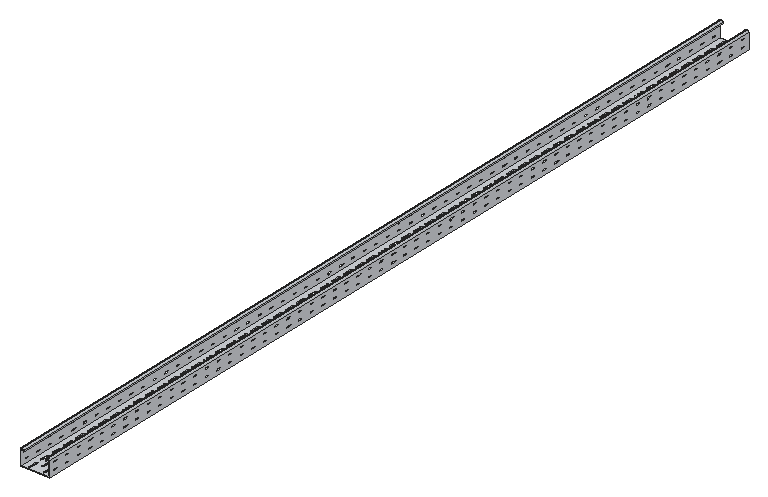
Revit family "Kabelrinne_610_FT_FS_A2_A4_FTSO", category Generic Models, Revit 2017 (continued)
Dimensions and locks
    trusion 127, Extrusion 128, Extrusion 129, Extrusion 130, Extrusion 131, Extrusion 132, Extrusion 133, Extrusion 134, Extrusion 135, Extrusion 136, Extrusion 137, Extrusion 138, Extrusion 139, Extrusion 140, Extrusion 141, Extrusion 142, Extrusion 143, Extrusion 144, Extrusion 145, Extrusion 146, Extrusion 147, Extrusion 148, Extrusion 149, Extrusion 150, Extrusion 151, Extrusion 152, Extrusion 153, Extrusion 154, Extrusion 155, Extrusion 156, Extrusion 157, Extrusion 158, Extrusion 159, Extrusion 160, Extrusion 161, Extrusion 162, Extrusion 163, Extrusion 164, Extrusion 165, Extrusion 166, Extrusion 167, Extrusion 168, Extrusion 169, Extrusion 170, Extrusion 171, Extrusion 172, Extrusion 173, Extrusion 174, Extrusion 175, Extrusion 176, Extrusion 177, Extrusion 178, Extrusion 179, Extrusion 180, Extrusion 181, Extrusion 182, Extrusion 183, Extrusion 184, Extrusion 185, Extrusion 186, Extrusion 187, Extrusion 188, Extrusion 189, Extrusion 190, Extrusion 191, Extrusion 192, Extrusion 193, Extrusion 194, Extrusion 195, Extrusion 196, Extrusion 197, Extrusion 198, Extrusion 199, Extrusion 200, Extrusion 201, Extrusion 202, Extrusion 203, Extrusion 204, Extrusion 205, Extrusion 206, Extrusion 207, Extrusion 208, Extrusion 209, Extrusion 210, Extrusion 211, Extrusion 212, Extrusion 213, Extrusion 214, Extrusion 215, Extrusion 216, Extrusion 217, Extrusion 218, Extrusion 219, Extrusion 220, Extrusion 221, Extrusion 222, Extrusion 223, Extrusion 224, Extrusion 225, Extrusion 226, Extrusion 227, Extrusion 228, Extrusion 229, Extrusion 230, Extrusion 231, Extrusion 232, Extrusion 233, Extrusion 234, Extrusion 235, Extrusion 236, Extrusion 237, Extrusion 238, Extrusion 239, Extrusion 240, Extrusion 241, Extrusion 242, Extrusion 243, Extrusion 244, Extrusion 245, Extrusion 246, Extrusion 247, Extrusion 248, Extrusion 249, Extrusion 250, Extrusion 251, Extrusion 252, Extrusion 253, Extrusion 254, Extrusion 255, Extrusion 256, Extrusion 257, Extrusion 258, Extrusion 259, Extrusion 260, Extrusion 261, Extrusion 262, Extrusion 263, Extrusion 264, Extrusion 265, Extrusion 266, Extrusion 267, Extrusion 268, Extrusion 269, Extrusion 270, Extrusion 271, Extrusion 272, Extrusion 273, Extrusion 274, Extrusion 275, Extrusion 276, Extrusion 277, Extrusion 278, Extrusion 279, Extrusion 280, Extrusion 281, Extrusion 282, Extrusion 283, Extrusion 284, Extrusion 285, Extrusion 286, Extrusion 287, Extrusion 288, Extrusion 289, Extrusion 290, Extrusion 291, Extrusion 292, Extrusion 293, Extrusion 294, Extrusion 295, Extrusion 296, Extrusion 297, Extrusion 298, Extrusion 299, Extrusion 300, Extrusion 301, Extrusion 302, Extrusion 303, Extrusion 304, Extrusion 305, Extrusion 306, Extrusion 308, Extrusion 309, Extrusion 310, Extrusion 311, Extrusion 312, Extrusion 313, Extrusion 314, Extrusion 315, Extrusion 316, Extrusion 317, Extrusion 318, Extrusion 319, Extrusion 320, Extrusion 321, Extrusion 322, Extrusion 323, Extrusion 324, Extrusion 325, Extrusion 326, Extrusion 327, Extrusion 328, Extrusion 329, Extrusion 330, Extrusion 331, Extrusion 332, Extrusion 333, Extrusion 334, Extrusion 335, Extrusion 336, Extrusion 337, Extrusion 338, Extrusion 339, Extrusion 340, Extrusion 341, Extrusion 342, Extrusion 343, Extrusion 344, Extrusion 345, Extrusion 346, Extrusion 347, Extrusion 348, Extrusion 349, Extrusion 350, Extrusion 351, Extrusion 352, Extrusion 353, Extrusion 354, Extrusion 355, Extrusion 356, Extrusion 357, Extrusion 358, Extrusion 359, Extrusion 360, Extrusion 361, Extrusion 362, Extrusion 363, Extrusion 364, Extrusion 365, Extrusion 366, Extrusion 367, Extrusion 368, Extrusion 369, Extrusion 370, Extrusion 371, Extrusion 372, Extrusion 373, Extrusion 374, Extrusion 375, Extrusion 376, Extrusion 377, Extrusion 378, Extrusion 379, Extrusion 380, Extrusion 381, Extrusion 382, Extrusion 383, Extrusion 384, Extrusion 385, Extrusion 386, Extrusion 387, Extrusion 388, Extrusion 389, Extrusion 390, Extrusion 391, Extrusion 392, Extrusion 393, Extrusion 394, Extrusion 395, Extrusion 396, Extrusion 397, Extrusion 398, Extrusion 399, Extrusion 400, Extrusion 401, Extrusion 402, Extrusion 403, Extrusion 404, Extrusion 405, Extrusion 406, Extrusion 407, Extrusion 408, Extrusion 409, Extrusion 410, Extrusion 411, Extrusion 412, Extrusion 413, Extrusion 414, Extrusion 415, Extrusion 416, Extrusion 417, Extrusion 418, Extrusion 419, Extrusion 420, Extrusion 421, Extrusion 422, Extrusion 423, Extrusion 424, Extrusion 425  (x7)
  aligned and locked: plane 18 to plane 8
  aligned and locked: plane 22 to Extrusion 11
  aligned and locked: Extrusion 11 to plane 23
  aligned and locked: plane 24 to Extrusion 12
  aligned and locked: Extrusion 12 to plane 25
  aligned and locked: plane 26 to Extrusion 13
  aligned and locked: Extrusion 13 to plane 27
  aligned and locked: plane 24 to plane 26
  aligned and locked: plane 24 to plane 12
  aligned and locked: plane 29 to Extrusion 14
  aligned and locked: Extrusion 14 to plane 28
  aligned and locked: plane 31 to Extrusion 15
  aligned and locked: Extrusion 15 to plane 30
  aligned and locked: plane 28 to plane 30
  aligned and locked: plane 33 to Extrusion 16
  aligned and locked: Extrusion 16 to plane 32
  aligned and locked: plane 35 to Extrusion 17
  aligned and locked: Extrusion 17 to plane 34
  aligned and locked: plane 32 to plane 34
  aligned and locked: plane 37 to Extrusion 18
  aligned and locked: Extrusion 18 to plane 36
  aligned and locked: plane 39 to Extrusion 19
  aligned and locked: Extrusion 19 to plane 38
  aligned and locked: plane 36 to plane 38
  aligned and locked: plane 41 to Extrusion 20
  aligned and locked: Extrusion 20 to plane 40
  aligned and locked: plane 43 to Extrusion 21
  aligned and locked: Extrusion 21 to plane 42
  aligned and locked: plane 40 to plane 42
  aligned and locked: plane 45 to Extrusion 22
  aligned and locked: Extrusion 22 to plane 44
  aligned and locked: plane 47 to Extrusion 23
  aligned and locked: Extrusion 23 to plane 46
  aligned and locked: plane 44 to plane 46
  aligned and locked: plane 49 to Extrusion 24
  aligned and locked: Extrusion 24 to plane 48
  aligned and locked: plane 51 to Extrusion 25
  aligned and locked: Extrusion 25 to plane 50
  aligned and locked: plane 48 to plane 50
  aligned and locked: plane 53 to Extrusion 26
  aligned and locked: Extrusion 26 to plane 52
  aligned and locked: plane 55 to Extrusion 27
  aligned and locked: Extrusion 27 to plane 54
  aligned and locked: plane 52 to plane 54
  aligned and locked: plane 57 to Extrusion 28
  aligned and locked: Extrusion 28 to plane 56
  aligned and locked: plane 59 to Extrusion 29
  aligned and locked: Extrusion 29 to plane 58
  aligned and locked: plane 56 to plane 58
  aligned and locked: plane 61 to Extrusion 30
  aligned and locked: Extrusion 30 to plane 60
  aligned and locked: plane 63 to Extrusion 31
  aligned and locked: Extrusion 31 to plane 62
  aligned and locked: plane 60 to plane 62
  aligned and locked: plane 65 to Extrusion 32
  aligned and locked: Extrusion 32 to plane 64
  aligned and locked: plane 67 to Extrusion 33
  aligned and locked: Extrusion 33 to plane 66
  aligned and locked: plane 64 to plane 66
  aligned and locked: plane 69 to Extrusion 34
  aligned and locked: Extrusion 34 to plane 68
  aligned and locked: plane 71 to Extrusion 35
  aligned and locked: Extrusion 35 to plane 70
  aligned and locked: plane 68 to plane 70
  aligned and locked: plane 73 to Extrusion 36
  aligned and locked: Extrusion 36 to plane 72
  aligned and locked: plane 75 to Extrusion 37
  aligned and locked: Extrusion 37 to plane 74
  aligned and locked: plane 72 to plane 74
  aligned and locked: plane 77 to Extrusion 38
  aligned and locked: Extrusion 38 to plane 76
  aligned and locked: plane 79 to Extrusion 39
  aligned and locked: Extrusion 39 to plane 78
  aligned and locked: plane 76 to plane 78
  aligned and locked: plane 81 to Extrusion 40
  aligned and locked: Extrusion 40 to plane 80
  aligned and locked: plane 83 to Extrusion 41
  aligned and locked: Extrusion 41 to plane 82
  aligned and locked: plane 80 to plane 82
  aligned and locked: plane 85 to Extrusion 42
  aligned and locked: Extrusion 42 to plane 84
  aligned and locked: plane 87 to Extrusion 43
  aligned and locked: Extrusion 43 to plane 86
  aligned and locked: plane 84 to plane 86
  aligned and locked: plane 89 to Extrusion 44
  aligned and locked: Extrusion 44 to plane 88
  aligned and locked: plane 91 to Extrusion 45
  aligned and locked: Extrusion 45 to plane 90
  aligned and locked: plane 88 to plane 90
  aligned and locked: plane 93 to Extrusion 46
  aligned and locked: Extrusion 46 to plane 92
  aligned and locked: plane 95 to Extrusion 47
  aligned and locked: Extrusion 47 to plane 94
  aligned and locked: plane 92 to plane 94
  aligned and locked: plane 97 to Extrusion 48
  aligned and locked: Extrusion 48 to plane 96
  aligned and locked: plane 99 to Extrusion 49
  aligned and locked: Extrusion 49 to plane 98
  aligned and locked: plane 96 to plane 98
  aligned and locked: plane 101 to Extrusion 50
  aligned and locked: Extrusion 50 to plane 100
  aligned and locked: plane 103 to Extrusion 51
  aligned and locked: Extrusion 51 to plane 102
  aligned and locked: plane 100 to plane 102
  aligned and locked: plane 105 to Extrusion 52
  aligned and locked: Extrusion 52 to plane 104
  aligned and locked: plane 107 to Extrusion 53
  aligned and locked: Extrusion 53 to plane 106
  aligned and locked: plane 104 to plane 106
  aligned and locked: plane 109 to Extrusion 54
  aligned and locked: Extrusion 54 to plane 108
  aligned and locked: plane 111 to Extrusion 55
  aligned and locked: Extrusion 55 to plane 110
  aligned and locked: plane 108 to plane 110
  aligned and locked: plane 113 to Extrusion 56
  aligned and locked: Extrusion 56 to plane 112
  aligned and locked: plane 115 to Extrusion 57
  aligned and locked: Extrusion 57 to plane 114
  aligned and locked: plane 112 to plane 114
  aligned and locked: plane 117 to Extrusion 58
  aligned and locked: Extrusion 58 to plane 116
  aligned and locked: plane 119 to Extrusion 59
  aligned and locked: Extrusion 59 to plane 118
  aligned and locked: plane 116 to plane 118
  aligned and locked: plane 121 to Extrusion 60
  aligned and locked: Extrusion 60 to plane 120
  aligned and locked: plane 123 to Extrusion 61
  aligned and locked: Extrusion 61 to plane 122
  aligned and locked: plane 120 to plane 122
  aligned and locked: plane 125 to Extrusion 62
  aligned and locked: Extrusion 62 to plane 124
  aligned and locked: plane 127 to Extrusion 63
  aligned and locked: Extrusion 63 to plane 126
  aligned and locked: plane 124 to plane 126
  aligned and locked: plane 129 to Extrusion 64
  aligned and locked: Extrusion 64 to plane 128
  aligned and locked: plane 131 to Extrusion 65
  aligned and locked: Extrusion 65 to plane 130
  aligned and locked: plane 128 to plane 130
  aligned and locked: plane 133 to Extrusion 66
  aligned and locked: Extrusion 66 to plane 132
  aligned and locked: plane 135 to Extrusion 67
  aligned and locked: Extrusion 67 to plane 134
  aligned and locked: plane 132 to plane 134
  aligned and locked: plane 137 to Extrusion 68
  aligned and locked: Extrusion 68 to plane 136
  aligned and locked: plane 139 to Extrusion 69
  aligned and locked: Extrusion 69 to plane 138
  aligned and locked: plane 136 to plane 138
  aligned and locked: plane 141 to Extrusion 70
  aligned and locked: Extrusion 70 to plane 140
  aligned and locked: plane 143 to Extrusion 71
  aligned and locked: Extrusion 71 to plane 142
  aligned and locked: plane 140 to plane 142
  aligned and locked: plane 145 to Extrusion 72
  aligned and locked: Extrusion 72 to plane 144
  aligned and locked: plane 147 to Extrusion 73
  aligned and locked: Extrusion 73 to plane 146
  aligned and locked: plane 144 to plane 146
  aligned and locked: plane 149 to Extrusion 74
  aligned and locked: Extrusion 74 to plane 148
  aligned and locked: plane 151 to Extrusion 75
  aligned and locked: Extrusion 75 to plane 150
  aligned and locked: plane 148 to plane 150
  aligned and locked: plane 153 to Extrusion 76
  aligned and locked: Extrusion 76 to plane 152
  aligned and locked: plane 155 to Extrusion 77
  aligned and locked: Extrusion 77 to plane 154
  aligned and locked: plane 152 to plane 154
  aligned and locked: plane 157 to Extrusion 78
  aligned and locked: Extrusion 78 to plane 156
  aligned and locked: plane 159 to Extrusion 79
  aligned and locked: Extrusion 79 to plane 158
  aligned and locked: plane 156 to plane 158
  aligned and locked: plane 161 to Extrusion 80
  aligned and locked: Extrusion 80 to plane 160
  aligned and locked: plane 163 to Extrusion 81
  aligned and locked: Extrusion 81 to plane 162
  aligned and locked: plane 160 to plane 162
  aligned and locked: plane 165 to Extrusion 82
  aligned and locked: Extrusion 82 to plane 164
  aligned and locked: plane 167 to Extrusion 83
  aligned and locked: Extrusion 83 to plane 166
  aligned and locked: plane 164 to plane 166
  aligned and locked: plane 169 to Extrusion 84
  aligned and locked: Extrusion 84 to plane 168
  aligned and locked: plane 171 to Extrusion 85
  aligned and locked: Extrusion 85 to plane 170
  aligned and locked: plane 168 to plane 170
  aligned and locked: plane 173 to Extrusion 86
  aligned and locked: Extrusion 86 to plane 172
  aligned and locked: plane 175 to Extrusion 87
  aligned and locked: Extrusion 87 to plane 174
  aligned and locked: plane 172 to plane 174
  aligned and locked: plane 177 to Extrusion 88
  aligned and locked: Extrusion 88 to plane 176
  aligned and locked: plane 179 to Extrusion 89
  aligned and locked: Extrusion 89 to plane 178
  aligned and locked: plane 176 to plane 178
  aligned and locked: plane 181 to Extrusion 90
  aligned and locked: Extrusion 90 to plane 180
  aligned and locked: plane 183 to Extrusion 91
  aligned and locked: Extrusion 91 to plane 182
  aligned and locked: plane 180 to plane 182
  aligned and locked: plane 185 to Extrusion 92
  aligned and locked: Extrusion 92 to plane 184
  aligned and locked: plane 187 to Extrusion 93
  aligned and locked: Extrusion 93 to plane 186
  aligned and locked: plane 184 to plane 186
  aligned and locked: plane 189 to Extrusion 94
  aligned and locked: Extrusion 94 to plane 188
  aligned and locked: plane 191 to Extrusion 95
  aligned and locked: Extrusion 95 to plane 190
  aligned and locked: plane 188 to plane 190
  aligned and locked: plane 193 to Extrusion 96
  aligned and locked: Extrusion 96 to plane 192
  aligned and locked: plane 195 to Extrusion 97
  aligned and locked: Extrusion 97 to plane 194
  aligned and locked: plane 192 to plane 194
  aligned and locked: plane 197 to Extrusion 98
  aligned and locked: Extrusion 98 to plane 196
  aligned and locked: plane 199 to Extrusion 99
  aligned and locked: Extrusion 99 to plane 198
  aligned and locked: plane 196 to plane 198
  aligned and locked: plane 201 to Extrusion 100
  aligned and locked: Extrusion 100 to plane 200
  aligned and locked: plane 203 to Extrusion 101
  aligned and locked: Extrusion 101 to plane 202
  aligned and locked: plane 200 to plane 202
  aligned and locked: plane 205 to Extrusion 102
  aligned and locked: Extrusion 102 to plane 204
  aligned and locked: plane 207 to Extrusion 103
  aligned and locked: Extrusion 103 to plane 206
  aligned and locked: plane 204 to plane 206
  aligned and locked: plane 209 to Extrusion 104
  aligned and locked: Extrusion 104 to plane 208
  aligned and locked: plane 211 to Extrusion 105
  aligned and locked: Extrusion 105 to plane 210
  aligned and locked: plane 208 to plane 210
  aligned and locked: plane 213 to Extrusion 106
  aligned and locked: Extrusion 106 to plane 212
  aligned and locked: plane 215 to Extrusion 107
  aligned and locked: Extrusion 107 to plane 214
  aligned and locked: plane 212 to plane 214
  aligned and locked: plane 217 to Extrusion 108
  aligned and locked: Extrusion 108 to plane 216
  aligned and locked: plane 219 to Extrusion 109
  aligned and locked: Extrusion 109 to plane 218
  aligned and locked: plane 216 to plane 218
  aligned and locked: plane 221 to Extrusion 110
  aligned and locked: Extrusion 110 to plane 220
  aligned and locked: plane 223 to Extrusion 111
  aligned and locked: Extrusion 111 to plane 222
  aligned and locked: plane 220 to plane 222
  aligned and locked: plane 225 to Extrusion 112
  aligned and locked: Extrusion 112 to plane 224
  aligned and locked: plane 227 to Extrusion 113
  aligned and locked: Extrusion 113 to plane 226
  aligned and locked: plane 224 to plane 226
  aligned and locked: plane 229 to Extrusion 114
  aligned and locked: Extrusion 114 to plane 228
  aligned and locked: plane 231 to Extrusion 115
  aligned and locked: Extrusion 115 to plane 230
  aligned and locked: plane 228 to plane 230
  aligned and locked: plane 233 to Extrusion 116
  aligned and locked: Extrusion 116 to plane 232
  aligned and locked: plane 235 to Extrusion 117
  aligned and locked: Extrusion 117 to plane 234
  aligned and locked: plane 232 to plane 234
  aligned and locked: plane 237 to Extrusion 118
  aligned and locked: Extrusion 118 to plane 236
  aligned and locked: plane 239 to Extrusion 119
  aligned and locked: Extrusion 119 to plane 238
  aligned and locked: plane 236 to plane 238
  aligned and locked: plane 241 to Extrusion 120
  aligned and locked: Extrusion 120 to plane 240
  aligned and locked: plane 243 to Extrusion 121
  aligned and locked: Extrusion 121 to plane 242
  aligned and locked: plane 240 to plane 242
  aligned and locked: plane 245 to Extrusion 122
  aligned and locked: Extrusion 122 to plane 244
  aligned and locked: plane 247 to Extrusion 123
  aligned and locked: Extrusion 123 to plane 246
  aligned and locked: plane 244 to plane 246
  aligned and locked: plane 249 to Extrusion 124
  aligned and locked: Extrusion 124 to plane 248
  aligned and locked: plane 251 to Extrusion 125
  aligned and locked: Extrusion 125 to plane 250
  aligned and locked: plane 248 to plane 250
  aligned and locked: plane 253 to Extrusion 126
  aligned and locked: Extrusion 126 to plane 252
  aligned and locked: plane 255 to Extrusion 127
  aligned and locked: Extrusion 127 to plane 254
  aligned and locked: plane 252 to plane 254
  aligned and locked: plane 257 to Extrusion 128
  aligned and locked: Extrusion 128 to plane 256
  aligned and locked: plane 259 to Extrusion 129
  aligned and locked: Extrusion 129 to plane 258
  aligned and locked: plane 256 to plane 258
  aligned and locked: plane 260 to Extrusion 130
  aligned and locked: Extrusion 130 to plane 261
  aligned and locked: plane 262 to Extrusion 131
  aligned and locked: Extrusion 131 to plane 263
  aligned and locked: plane 260 to plane 262
  aligned and locked: plane 264 to Extrusion 132
  aligned and locked: Extrusion 132 to plane 265
  aligned and locked: plane 266 to Extrusion 133
  aligned and locked: Extrusion 133 to plane 267
  aligned and locked: plane 264 to plane 266
  aligned and locked: plane 268 to Extrusion 134
  aligned and locked: Extrusion 134 to plane 269
  aligned and locked: plane 270 to Extrusion 135
  aligned and locked: Extrusion 135 to plane 271
  aligned and locked: plane 268 to plane 270
  aligned and locked: plane 272 to Extrusion 136
  aligned and locked: Extrusion 136 to plane 273
  aligned and locked: plane 274 to Extrusion 137
  aligned and locked: Extrusion 137 to plane 275
  aligned and locked: plane 272 to plane 274
  aligned and locked: plane 276 to Extrusion 138
  aligned and locked: Extrusion 138 to plane 277
  aligned and locked: plane 278 to Extrusion 139
  aligned and locked: Extrusion 139 to plane 279
  aligned and locked: plane 276 to plane 278
  aligned and locked: plane 280 to Extrusion 140
  aligned and locked: Extrusion 140 to plane 281
  aligned and locked: plane 282 to Extrusion 141
  aligned and locked: Extrusion 141 to plane 283
  aligned and locked: plane 280 to plane 282
  aligned and locked: plane 284 to Extrusion 142
  aligned and locked: Extrusion 142 to plane 285
  aligned and locked: plane 286 to Extrusion 143
  aligned and locked: Extrusion 143 to plane 287
  aligned and locked: plane 284 to plane 286
  aligned and locked: plane 288 to Extrusion 144
  aligned and locked: Extrusion 144 to plane 289
  aligned and locked: plane 290 to Extrusion 145
  aligned and locked: Extrusion 145 to plane 291
  aligned and locked: plane 288 to plane 290
  aligned and locked: plane 292 to Extrusion 146
  aligned and locked: Extrusion 146 to plane 293
  aligned and locked: plane 294 to Extrusion 147
  aligned and locked: Extrusion 147 to plane 295
  aligned and locked: plane 292 to plane 294
  aligned and locked: plane 296 to Extrusion 148
  aligned and locked: Extrusion 148 to plane 297
  aligned and locked: plane 298 to Extrusion 149
  aligned and locked: Extrusion 149 to plane 299
  aligned and locked: plane 296 to plane 298
  aligned and locked: plane 300 to Extrusion 150
  aligned and locked: Extrusion 150 to plane 301
  aligned and locked: plane 302 to Extrusion 151
  aligned and locked: Extrusion 151 to plane 303
  aligned and locked: plane 300 to plane 302
  aligned and locked: plane 304 to Extrusion 152
  aligned and locked: Extrusion 152 to plane 305
  aligned and locked: plane 306 to Extrusion 153
  aligned and locked: Extrusion 153 to plane 307
  aligned and locked: plane 304 to plane 306
  aligned and locked: plane 308 to Extrusion 154
  aligned and locked: Extrusion 154 to plane 309
  aligned and locked: plane 310 to Extrusion 155
  aligned and locked: Extrusion 155 to plane 311
  aligned and locked: plane 308 to plane 310
  aligned and locked: plane 312 to Extrusion 156
  aligned and locked: Extrusion 156 to plane 313
  aligned and locked: plane 314 to Extrusion 157
  aligned and locked: Extrusion 157 to plane 315
  aligned and locked: plane 312 to plane 314
  aligned and locked: plane 316 to Extrusion 158
  aligned and locked: Extrusion 158 to plane 317
  aligned and locked: plane 318 to Extrusion 159
  aligned and locked: Extrusion 159 to plane 319
  aligned and locked: plane 316 to plane 318
  aligned and locked: plane 320 to Extrusion 160
  aligned and locked: Extrusion 160 to plane 321
  aligned and locked: plane 322 to Extrusion 161
  aligned and locked: Extrusion 161 to plane 323
  aligned and locked: plane 320 to plane 322
  aligned and locked: plane 324 to Extrusion 162
  aligned and locked: Extrusion 162 to plane 325
  aligned and locked: plane 326 to Extrusion 163
  aligned and locked: Extrusion 163 to plane 327
  aligned and locked: plane 324 to plane 326
  aligned and locked: plane 328 to Extrusion 164
  aligned and locked: Extrusion 164 to plane 329
  aligned and locked: plane 330 to Extrusion 165
  aligned and locked: Extrusion 165 to plane 331
  aligned and locked: plane 328 to plane 330
  aligned and locked: plane 332 to Extrusion 166
  aligned and locked: Extrusion 166 to plane 333
  aligned and locked: plane 334 to Extrusion 167
  aligned and locked: Extrusion 167 to plane 335
  aligned and locked: plane 332 to plane 334
  aligned and locked: plane 336 to Extrusion 168
  aligned and locked: Extrusion 168 to plane 337
  aligned and locked: plane 338 to Extrusion 169
  aligned and locked: Extrusion 169 to plane 339
  aligned and locked: plane 336 to plane 338
  aligned and locked: plane 340 to Extrusion 170
  aligned and locked: Extrusion 170 to plane 341
  aligned and locked: plane 342 to Extrusion 171
  aligned and locked: Extrusion 171 to plane 343
  aligned and locked: plane 340 to plane 342
  aligned and locked: plane 344 to Extrusion 172
  aligned and locked: Extrusion 172 to plane 345
  aligned and locked: plane 346 to Extrusion 173
  aligned and locked: Extrusion 173 to plane 347
  aligned and locked: plane 344 to plane 346
  aligned and locked: plane 348 to Extrusion 174
  aligned and locked: Extrusion 174 to plane 349
  aligned and locked: plane 350 to Extrusion 175
  aligned and locked: Extrusion 175 to plane 351
  aligned and locked: plane 348 to plane 350
  aligned and locked: plane 352 to Extrusion 176
  aligned and locked: Extrusion 176 to plane 353
  aligned and locked: plane 354 to Extrusion 177
  aligned and locked: Extrusion 177 to plane 355
  aligned and locked: plane 352 to plane 354
  aligned and locked: plane 356 to Extrusion 178
  aligned and locked: Extrusion 178 to plane 357
  aligned and locked: plane 358 to Extrusion 179
  aligned and locked: Extrusion 179 to plane 359
  aligned and locked: plane 356 to plane 358
  aligned and locked: plane 360 to Extrusion 180
  aligned and locked: Extrusion 180 to plane 361
  aligned and locked: plane 362 to Extrusion 181
  aligned and locked: Extrusion 181 to plane 363
  aligned and locked: plane 360 to plane 362
  aligned and locked: plane 364 to Extrusion 182
  aligned and locked: Extrusion 182 to plane 365
  aligned and locked: plane 366 to Extrusion 183
  aligned and locked: Extrusion 183 to plane 367
  aligned and locked: plane 364 to plane 366
  aligned and locked: plane 368 to Extrusion 184
  aligned and locked: Extrusion 184 to plane 369
  aligned and locked: plane 370 to Extrusion 185
  aligned and locked: Extrusion 185 to plane 371
  aligned and locked: plane 368 to plane 370
  aligned and locked: plane 372 to Extrusion 186
  aligned and locked: Extrusion 186 to plane 373
  aligned and locked: plane 374 to Extrusion 187
  aligned and locked: Extrusion 187 to plane 375
  aligned and locked: plane 372 to plane 374
  aligned and locked: plane 376 to Extrusion 188
  aligned and locked: Extrusion 188 to plane 377
  aligned and locked: plane 378 to Extrusion 189
  aligned and locked: Extrusion 189 to plane 379
  aligned and locked: plane 376 to plane 378
  aligned and locked: plane 380 to Extrusion 190
  aligned and locked: Extrusion 190 to plane 381
  aligned and locked: plane 382 to Extrusion 191
  aligned and locked: Extrusion 191 to plane 383
  aligned and locked: plane 380 to plane 382
  aligned and locked: plane 384 to Extrusion 192
  aligned and locked: Extrusion 192 to plane 385
  aligned and locked: plane 386 to Extrusion 193
  aligned and locked: Extrusion 193 to plane 387
  aligned and locked: plane 384 to plane 386
  aligned and locked: plane 388 to Extrusion 194
  aligned and locked: Extrusion 194 to plane 389
  aligned and locked: plane 390 to Extrusion 195
  aligned and locked: Extrusion 195 to plane 391
  aligned and locked: plane 388 to plane 390
  aligned and locked: plane 392 to Extrusion 196
  aligned and locked: Extrusion 196 to plane 393
  aligned and locked: plane 394 to Extrusion 197
  aligned and locked: Extrusion 197 to plane 395
  aligned and locked: plane 392 to plane 394
  aligned and locked: plane 396 to Extrusion 198
  aligned and locked: Extrusion 198 to plane 397
  aligned and locked: plane 398 to Extrusion 199
  aligned and locked: Extrusion 199 to plane 399
  aligned and locked: plane 396 to plane 398
  aligned and locked: plane 400 to Extrusion 200
  aligned and locked: Extrusion 200 to plane 401
  aligned and locked: plane 402 to Extrusion 201
  aligned and locked: Extrusion 201 to plane 403
  aligned and locked: plane 400 to plane 402
  aligned and locked: plane 404 to Extrusion 202
  aligned and locked: Extrusion 202 to plane 405
  aligned and locked: plane 406 to Extrusion 203
  aligned and locked: Extrusion 203 to plane 407
  aligned and locked: plane 404 to plane 406
  aligned and locked: plane 408 to Extrusion 204
  aligned and locked: Extrusion 204 to plane 409
  aligned and locked: plane 410 to Extrusion 205
  aligned and locked: Extrusion 205 to plane 411
  aligned and locked: plane 408 to plane 410
  aligned and locked: plane 412 to Extrusion 206
  aligned and locked: Extrusion 206 to plane 413
  aligned and locked: plane 414 to Extrusion 207
  aligned and locked: Extrusion 207 to plane 415
  aligned and locked: plane 412 to plane 414
  aligned and locked: plane 416 to Extrusion 208
  aligned and locked: Extrusion 208 to plane 417
  aligned and locked: plane 418 to Extrusion 209
  aligned and locked: Extrusion 209 to plane 419
  aligned and locked: plane 416 to plane 418
  aligned and locked: plane 420 to Extrusion 210
  aligned and locked: Extrusion 210 to plane 421
  aligned and locked: plane 422 to Extrusion 211
  aligned and locked: Extrusion 211 to plane 423
  aligned and locked: plane 420 to plane 422
  aligned and locked: plane 424 to Extrusion 212
  aligned and locked: Extrusion 212 to plane 425
  aligned and locked: plane 426 to Extrusion 213
  aligned and locked: Extrusion 213 to plane 427
  aligned and locked: plane 424 to plane 426
  aligned and locked: plane 428 to Extrusion 214
  aligned and locked: Extrusion 214 to plane 429
  aligned and locked: plane 430 to Extrusion 215
  aligned and locked: Extrusion 215 to plane 431
  aligned and locked: plane 428 to plane 430
  aligned and locked: plane 432 to Extrusion 216
  aligned and locked: Extrusion 216 to plane 433
  aligned and locked: plane 434 to Extrusion 217
  aligned and locked: Extrusion 217 to plane 435
  aligned and locked: plane 432 to plane 434
  aligned and locked: plane 436 to Extrusion 218
  aligned and locked: Extrusion 218 to plane 437
  aligned and locked: plane 438 to Extrusion 219
  aligned and locked: Extrusion 219 to plane 439
  aligned and locked: plane 436 to plane 438
  aligned and locked: plane 440 to Extrusion 220
  aligned and locked: Extrusion 220 to plane 441
  aligned and locked: plane 442 to Extrusion 221
  aligned and locked: Extrusion 221 to plane 443
  aligned and locked: plane 440 to plane 442
  aligned and locked: plane 444 to Extrusion 222
  aligned and locked: Extrusion 222 to plane 445
  aligned and locked: plane 446 to Extrusion 223
  aligned and locked: Extrusion 223 to plane 447
  aligned and locked: plane 444 to plane 446
  aligned and locked: plane 448 to Extrusion 224
  aligned and locked: Extrusion 224 to plane 449
  aligned and locked: plane 450 to Extrusion 225
  aligned and locked: Extrusion 225 to plane 451
  aligned and locked: plane 448 to plane 450
  aligned and locked: plane 452 to Extrusion 226
  aligned and locked: Extrusion 226 to plane 453
  aligned and locked: plane 454 to Extrusion 227
  aligned and locked: Extrusion 227 to plane 455
  aligned and locked: plane 452 to plane 454
  aligned and locked: plane 456 to Extrusion 228
  aligned and locked: Extrusion 228 to plane 457
  aligned and locked: plane 458 to Extrusion 229
  aligned and locked: Extrusion 229 to plane 459
  aligned and locked: plane 456 to plane 458
  aligned and locked: plane 460 to Extrusion 230
  aligned and locked: Extrusion 230 to plane 461
  aligned and locked: plane 462 to Extrusion 231
  aligned and locked: Extrusion 231 to plane 463
  aligned and locked: plane 460 to plane 462
  aligned and locked: plane 464 to Extrusion 232
  aligned and locked: Extrusion 232 to plane 465
  aligned and locked: plane 466 to Extrusion 233
  aligned and locked: Extrusion 233 to plane 467
  aligned and locked: plane 464 to plane 466
  aligned and locked: plane 468 to Extrusion 234
  aligned and locked: Extrusion 234 to plane 469
  aligned and locked: plane 470 to Extrusion 235
  aligned and locked: Extrusion 235 to plane 471
  aligned and locked: plane 468 to plane 470
  aligned and locked: plane 472 to Extrusion 236
  aligned and locked: Extrusion 236 to plane 473
  aligned and locked: plane 474 to Extrusion 237
  aligned and locked: Extrusion 237 to plane 475
  aligned and locked: plane 472 to plane 474
  aligned and locked: plane 476 to Extrusion 238
  aligned and locked: Extrusion 238 to plane 477
  aligned and locked: plane 478 to Extrusion 239
  aligned and locked: Extrusion 239 to plane 479
  aligned and locked: plane 476 to plane 478
  aligned and locked: plane 480 to Extrusion 240
  aligned and locked: Extrusion 240 to plane 481
  aligned and locked: plane 482 to Extrusion 241
  aligned and locked: Extrusion 241 to plane 483
  aligned and locked: plane 480 to plane 482
  aligned and locked: plane 484 to Extrusion 242
  aligned and locked: Extrusion 242 to plane 485
  aligned and locked: plane 486 to Extrusion 243
  aligned and locked: Extrusion 243 to plane 487
  aligned and locked: plane 484 to plane 486
  aligned and locked: plane 488 to Extrusion 244
  aligned and locked: Extrusion 244 to plane 489
  aligned and locked: plane 490 to Extrusion 245
  aligned and locked: Extrusion 245 to plane 491
  aligned and locked: plane 488 to plane 490
  aligned and locked: Extrusion 246 to plane 492
  aligned and locked: Extrusion 246 to plane 493
  aligned and locked: plane 494 to Extrusion 305
  aligned and locked: Extrusion 305 to plane 495
  aligned and locked: level to cut or joined group 1 (Extrusion 1, Extrusion 4, Extrusion 5, Extrusion 6, Extrusion 7, Extrusion 9, Extrusion 10, Extrusion 12, Extrusion 13, Extrusion 14, Extrusion 15, Extrusion 16, Extrusion 17, Extrusion 18, Extrusion 19, Extrusion 20, Extrusion 21, Extrusion 22, Extrusion 23, Extrusion 24, Extrusion 25, Extrusion 26, Extrusion 27, Extrusion 28, Extrusion 29, Extrusion 30, Extrusion 31, Extrusion 32, Extrusion 33, Extrusion 34, Extrusion 35, Extrusion 36, Extrusion 37, Extrusion 38, Extrusion 39, Extrusion 40, Extrusion 41, Extrusion 42, Extrusion 43, Extrusion 44, Extrusion 45, Extrusion 46, Extrusion 47, Extrusion 48, Extrusion 49, Extrusion 50, Extrusion 51, Extrusion 52, Extrusion 53, Extrusion 54, Extrusion 55, Extrusion 56, Extrusion 57, Extrusion 58, Extrusion 59, Extrusion 60, Extrusion 61, Extrusion 62, Extrusion 63, Extrusion 64, Extrusion 65, Extrusion 66, Extrusion 67, Extrusion 68, Extrusion 69, Extrusion 70, Extrusion 71, Extrusion 72, Extrusion 73, Extrusion 74, Extrusion 75, Extrusion 76, Extrusion 77, Extrusion 78, Extrusion 79, Extrusion 80, Extrusion 81, Extrusion 82, Extrusion 83, Extrusion 84, Extrusion 85, Extrusion 86, Extrusion 87, Extrusion 88, Extrusion 89, Extrusion 90, Extrusion 91, Extrusion 92, Extrusion 93, Extrusion 94, Extrusion 95, Extrusion 96, Extrusion 97, Extrusion 98, Extrusion 99, Extrusion 100, Extrusion 101, Extrusion 102, Extrusion 103, Extrusion 104, Extrusion 105, Extrusion 106, Extrusion 107, Extrusion 108, Extrusion 109, Extrusion 110, Extrusion 111, Extrusion 112, Extrusion 113, Extrusion 114, Extrusion 115, Extrusion 116, Extrusion 117, Extrusion 118, Extrusion 119, Extrusion 120, Extrusion 121, Extrusion 122, Extrusion 123, Extrusion 124, Extrusion 125, Extrusion 126, Extrusion 127, Extrusion 128, Extrusion 129, Extrusion 130, Extrusion 131, Extrusion 132, Extrusion 133, Extrusion 134, Extrusion 135, Extrusion 136, Extrusion 137, Extrusion 138, Extrusion 139, Extrusion 140, Extrusion 141, Extrusion 142, Extrusion 143, Extrusion 144, Extrusion 145, Extrusion 146, Extrusion 147, Extrusion 148, Extrusion 149, Extrusion 150, Extrusion 151, Extrusion 152, Extrusion 153, Extrusion 154, Extrusion 155, Extrusion 156, Extrusion 157, Extrusion 158, Extrusion 159, Extrusion 160, Extrusion 161, Extrusion 162, Extrusion 163, Extrusion 164, Extrusion 165, Extrusion 166, Extrusion 167, Extrusion 168, Extrusion 169, Extrusion 170, Extrusion 171, Extrusion 172, Extrusion 173, Extrusion 174, Extrusion 175, Extrusion 176, Extrusion 177, Extrusion 178, Extrusion 179, Extrusion 180, Extrusion 181, Extrusion 182, Extrusion 183, Extrusion 184, Extrusion 185, Extrusion 186, Extrusion 187, Extrusion 188, Extrusion 189, Extrusion 190, Extrusion 191, Extrusion 192, Extrusion 193, Extrusion 194, Extrusion 195, Extrusion 196, Extrusion 197, Extrusion 198, Extrusion 199, Extrusion 200, Extrusion 201, Extrusion 202, Extrusion 203, Extrusion 204, Extrusion 205, Extrusion 206, Extrusion 207, Extrusion 208, Extrusion 209, Extrusion 210, Extrusion 211, Extrusion 212, Extrusion 213, Extrusion 214, Extrusion 215, Extrusion 216, Extrusion 217, Extrusion 218, Extrusion 219, Extrusion 220, Extrusion 221, Extrusion 222, Extrusion 223, Extrusion 224, Extrusion 225, Extrusion 226, Extrusion 227, Extrusion 228, Extrusion 229, Extrusion 230, Extrusion 231, Extrusion 232, Extrusion 233, Extrusion 234, Extrusion 235, Extrusion 236, Extrusion 237, Extrusion 238, Extrusion 239, Extrusion 240, Extrusion 241, Extrusion 242, Extrusion 243, Extrusion 244, Extrusion 245, Extrusion 246, Extrusion 247, Extrusion 248, Extrusion 249, Extrusion 250, Extrusion 251, Extrusion 252, Extrusion 253, Extrusion 254, Extrusion 255, Extrusion 256, Extrusion 257, Extrusion 258, Extrusion 259, Extrusion 260, Extrusion 261, Extrusion 262, Extrusion 263, Extrusion 264, Extrusion 265, Extrusion 266, Extrusion 267, Extrusion 268, Extrusion 269, Extrusion 270, Extrusion 271, Extrusion 272, Extrusion 273, Extrusion 274, Extrusion 275, Extrusion 276, Extrusion 277, Extrusion 278, Extrusion 279, Extrusion 280, Extrusion 281, Extrusion 282, Extrusion 283, Extrusion 284, Extrusion 285, Extrusion 286, Extrusion 287, Extrusion 288, Extrusion 289, Extrusion 290, Extrusion 291, Extrusion 292, Extrusion 293, Extrusion 294, Extrusion 295, Extrusion 296, Extrusion 297, Extrusion 298, Extrusion 299, Extrusion 300, Extrusion 301, Extrusion 302, Extrusion 303, Extrusion 304, Extrusion 305, Extrusion 306, Extrusion 308, Extrusion 309, Extrusion 310, Extrusion 311, Extrusion 312, Extrusion 313, Extrusion 314, Extrusion 315, Extrusion 316, Extrusion 317, Extrusion 318, Extrusion 319, Extrusion 320, Extrusion 321, Extrusion 322, Extrusion 323, Extrusion 324, Extrusion 325, Extrusion 326, Extrusion 327, Extrusion 328, Extrusion 329, Extrusion 330, Extrusion 331, Extrusion 332, Extrusion 333, Extrusion 334, Extrusion 335, Extrusion 336, Extrusion 337, Extrusion 338, Extrusion 339, Extrusion 340, Extrusion 341, Extrusion 342, Extrusion 343, Extrusion 344, Extrusion 345, Extrusion 346, Extrusion 347, Extrusion 348, Extrusion 349, Extrusion 350, Extrusion 351, Extrusion 352, Extrusion 353, Extrusion 354, Extrusion 355, Extrusion 356, Extrusion 357, Extrusion 358, Extrusion 359, Extrusion 360, Extrusion 361, Extrusion 362, Extrusion 363, Extrusion 364, Extrusion 365, Extrusion 366, Extrusion 367, Extrusion 368, Extrusion 369, Extrusion 370, Extrusion 371, Extrusion 372, Extrusion 373, Extrusion 374, Extrusion 375, Extrusion 376, Extrusion 377, Extrusion 378, Extrusion 379, Extrusion 380, Extrusion 381, Extrusion 382, Extrusion 383, Extrusion 384, Extrusion 385, Extrusion 386, Extrusion 387, Extrusion 388, Extrusion 389, Extrusion 390, Extrusion 391, Extrusion 392, Extrusion 393, Extrusion 394, Extrusion 395, Extrusion 396, Extrusion 397, Extrusion 398, Extrusion 399, Extrusion 400, Extrusion 401, Extrusion 402, Extrusion 403, Extrusion 404, Extrusion 405, Extrusion 406, Extrusion 407, Extrusion 408, Extrusion 409, Extrusion 410, Extrusion 411, Extrusion 412, Extrusion 413, Extrusion 414, Extrusion 415, Extrusion 416, Extrusion 417, Extrusion 418, Extrusion 419, Extrusion 420, Extrusion 421, Extrusion 422, Extrusion 423, Extrusion 424, Extrusion 425)
  aligned and locked: cut or joined group 1 to plane 494
  aligned and locked: cut or joined group 1 to plane 492
Automatic sketch dimensions
  Extrusion 2 sketch curve to Extrusion 2 sketch curve = 13 mm
  Extrusion 3 sketch curve to Extrusion 3 sketch curve = 13 mm
  Extrusion 4 sketch curve to Extrusion 4 sketch curve = 13 mm
  Extrusion 5 sketch curve to Extrusion 5 sketch curve = 13 mm
  Extrusion 6 sketch curve to Extrusion 6 sketch curve = 13 mm
  Extrusion 7 sketch curve to Extrusion 7 sketch curve = 13 mm
  Extrusion 8 sketch curve to Extrusion 8 sketch curve = 13 mm
  Extrusion 9 sketch curve to Extrusion 9 sketch curve = 13 mm
  Extrusion 10 sketch curve to Extrusion 10 sketch curve = 13 mm
  Extrusion 11 sketch curve to Extrusion 11 sketch curve = 13 mm
  Extrusion 12 sketch curve to Extrusion 12 sketch curve = 13 mm
  Extrusion 13 sketch curve to Extrusion 13 sketch curve = 13 mm
  Extrusion 14 sketch curve to Extrusion 14 sketch curve = 13 mm
  Extrusion 15 sketch curve to Extrusion 15 sketch curve = 13 mm
  Extrusion 16 sketch curve to Extrusion 16 sketch curve = 13 mm
  Extrusion 17 sketch curve to Extrusion 17 sketch curve = 13 mm
  Extrusion 18 sketch curve to Extrusion 18 sketch curve = 13 mm
  Extrusion 19 sketch curve to Extrusion 19 sketch curve = 13 mm
  Extrusion 20 sketch curve to Extrusion 20 sketch curve = 13 mm
  Extrusion 21 sketch curve to Extrusion 21 sketch curve = 13 mm
  Extrusion 22 sketch curve to Extrusion 22 sketch curve = 13 mm
  Extrusion 23 sketch curve to Extrusion 23 sketch curve = 13 mm
  Extrusion 24 sketch curve to Extrusion 24 sketch curve = 13 mm
  Extrusion 25 sketch curve to Extrusion 25 sketch curve = 13 mm
  Extrusion 26 sketch curve to Extrusion 26 sketch curve = 13 mm
  Extrusion 27 sketch curve to Extrusion 27 sketch curve = 13 mm
  Extrusion 28 sketch curve to Extrusion 28 sketch curve = 13 mm
  Extrusion 29 sketch curve to Extrusion 29 sketch curve = 13 mm
  Extrusion 30 sketch curve to Extrusion 30 sketch curve = 13 mm
  Extrusion 31 sketch curve to Extrusion 31 sketch curve = 13 mm
  Extrusion 32 sketch curve to Extrusion 32 sketch curve = 13 mm
  Extrusion 33 sketch curve to Extrusion 33 sketch curve = 13 mm
  Extrusion 34 sketch curve to Extrusion 34 sketch curve = 13 mm
  Extrusion 35 sketch curve to Extrusion 35 sketch curve = 13 mm
  Extrusion 36 sketch curve to Extrusion 36 sketch curve = 13 mm
  Extrusion 37 sketch curve to Extrusion 37 sketch curve = 13 mm
  Extrusion 38 sketch curve to Extrusion 38 sketch curve = 13 mm
  Extrusion 39 sketch curve to Extrusion 39 sketch curve = 13 mm
  Extrusion 40 sketch curve to Extrusion 40 sketch curve = 13 mm
  Extrusion 41 sketch curve to Extrusion 41 sketch curve = 13 mm
  Extrusion 42 sketch curve to Extrusion 42 sketch curve = 13 mm
  Extrusion 43 sketch curve to Extrusion 43 sketch curve = 13 mm
  Extrusion 44 sketch curve to Extrusion 44 sketch curve = 13 mm
  Extrusion 45 sketch curve to Extrusion 45 sketch curve = 13 mm
  Extrusion 46 sketch curve to Extrusion 46 sketch curve = 13 mm
  Extrusion 47 sketch curve to Extrusion 47 sketch curve = 13 mm
  Extrusion 48 sketch curve to Extrusion 48 sketch curve = 13 mm
  Extrusion 49 sketch curve to Extrusion 49 sketch curve = 13 mm
  Extrusion 50 sketch curve to Extrusion 50 sketch curve = 13 mm
  Extrusion 51 sketch curve to Extrusion 51 sketch curve = 13 mm
  Extrusion 52 sketch curve to Extrusion 52 sketch curve = 13 mm
  Extrusion 53 sketch curve to Extrusion 53 sketch curve = 13 mm
  Extrusion 54 sketch curve to Extrusion 54 sketch curve = 13 mm
  Extrusion 55 sketch curve to Extrusion 55 sketch curve = 13 mm
  Extrusion 56 sketch curve to Extrusion 56 sketch curve = 13 mm
  Extrusion 57 sketch curve to Extrusion 57 sketch curve = 13 mm
  Extrusion 58 sketch curve to Extrusion 58 sketch curve = 13 mm
  Extrusion 59 sketch curve to Extrusion 59 sketch curve = 13 mm
  Extrusion 60 sketch curve to Extrusion 60 sketch curve = 13 mm
  Extrusion 61 sketch curve to Extrusion 61 sketch curve = 13 mm
  Extrusion 62 sketch curve to Extrusion 62 sketch curve = 13 mm
  Extrusion 63 sketch curve to Extrusion 63 sketch curve = 13 mm
  Extrusion 64 sketch curve to Extrusion 64 sketch curve = 13 mm
  Extrusion 65 sketch curve to Extrusion 65 sketch curve = 13 mm
  Extrusion 66 sketch curve to Extrusion 66 sketch curve = 13 mm
  Extrusion 67 sketch curve to Extrusion 67 sketch curve = 13 mm
  Extrusion 68 sketch curve to Extrusion 68 sketch curve = 13 mm
  Extrusion 69 sketch curve to Extrusion 69 sketch curve = 13 mm
  Extrusion 70 sketch curve to Extrusion 70 sketch curve = 13 mm
  Extrusion 71 sketch curve to Extrusion 71 sketch curve = 13 mm
  Extrusion 72 sketch curve to Extrusion 72 sketch curve = 13 mm
  Extrusion 73 sketch curve to Extrusion 73 sketch curve = 13 mm
  Extrusion 74 sketch curve to Extrusion 74 sketch curve = 13 mm
  Extrusion 75 sketch curve to Extrusion 75 sketch curve = 13 mm
  Extrusion 76 sketch curve to Extrusion 76 sketch curve = 13 mm
  Extrusion 77 sketch curve to Extrusion 77 sketch curve = 13 mm
  Extrusion 78 sketch curve to Extrusion 78 sketch curve = 13 mm
  Extrusion 79 sketch curve to Extrusion 79 sketch curve = 13 mm
  Extrusion 80 sketch curve to Extrusion 80 sketch curve = 13 mm
  Extrusion 81 sketch curve to Extrusion 81 sketch curve = 13 mm
  Extrusion 82 sketch curve to Extrusion 82 sketch curve = 13 mm
  Extrusion 83 sketch curve to Extrusion 83 sketch curve = 13 mm
  Extrusion 84 sketch curve to Extrusion 84 sketch curve = 13 mm
  Extrusion 85 sketch curve to Extrusion 85 sketch curve = 13 mm
  Extrusion 86 sketch curve to Extrusion 86 sketch curve = 13 mm
  Extrusion 87 sketch curve to Extrusion 87 sketch curve = 13 mm
  Extrusion 88 sketch curve to Extrusion 88 sketch curve = 13 mm
  Extrusion 89 sketch curve to Extrusion 89 sketch curve = 13 mm
  Extrusion 90 sketch curve to Extrusion 90 sketch curve = 13 mm
  Extrusion 91 sketch curve to Extrusion 91 sketch curve = 13 mm
  Extrusion 92 sketch curve to Extrusion 92 sketch curve = 13 mm
  Extrusion 93 sketch curve to Extrusion 93 sketch curve = 13 mm
  Extrusion 94 sketch curve to Extrusion 94 sketch curve = 13 mm
  Extrusion 95 sketch curve to Extrusion 95 sketch curve = 13 mm
  Extrusion 96 sketch curve to Extrusion 96 sketch curve = 13 mm
  Extrusion 97 sketch curve to Extrusion 97 sketch curve = 13 mm
  Extrusion 98 sketch curve to Extrusion 98 sketch curve = 13 mm
  Extrusion 99 sketch curve to Extrusion 99 sketch curve = 13 mm
  Extrusion 100 sketch curve to Extrusion 100 sketch curve = 13 mm
  Extrusion 101 sketch curve to Extrusion 101 sketch curve = 13 mm
  Extrusion 102 sketch curve to Extrusion 102 sketch curve = 13 mm
  Extrusion 103 sketch curve to Extrusion 103 sketch curve = 13 mm
  Extrusion 104 sketch curve to Extrusion 104 sketch curve = 13 mm
  Extrusion 105 sketch curve to Extrusion 105 sketch curve = 13 mm
  Extrusion 106 sketch curve to Extrusion 106 sketch curve = 13 mm
  Extrusion 107 sketch curve to Extrusion 107 sketch curve = 13 mm
  Extrusion 108 sketch curve to Extrusion 108 sketch curve = 13 mm
  Extrusion 109 sketch curve to Extrusion 109 sketch curve = 13 mm
  Extrusion 110 sketch curve to Extrusion 110 sketch curve = 13 mm
  Extrusion 111 sketch curve to Extrusion 111 sketch curve = 13 mm
  Extrusion 112 sketch curve to Extrusion 112 sketch curve = 13 mm
  Extrusion 113 sketch curve to Extrusion 113 sketch curve = 13 mm
  Extrusion 114 sketch curve to Extrusion 114 sketch curve = 13 mm
  Extrusion 115 sketch curve to Extrusion 115 sketch curve = 13 mm
  Extrusion 116 sketch curve to Extrusion 116 sketch curve = 13 mm
  Extrusion 117 sketch curve to Extrusion 117 sketch curve = 13 mm
  Extrusion 118 sketch curve to Extrusion 118 sketch curve = 13 mm
  Extrusion 119 sketch curve to Extrusion 119 sketch curve = 13 mm
  Extrusion 120 sketch curve to Extrusion 120 sketch curve = 13 mm
  Extrusion 121 sketch curve to Extrusion 121 sketch curve = 13 mm
  Extrusion 122 sketch curve to Extrusion 122 sketch curve = 13 mm
  Extrusion 123 sketch curve to Extrusion 123 sketch curve = 13 mm
  Extrusion 124 sketch curve to Extrusion 124 sketch curve = 13 mm
  Extrusion 125 sketch curve to Extrusion 125 sketch curve = 13 mm
  Extrusion 126 sketch curve to Extrusion 126 sketch curve = 13 mm
  Extrusion 127 sketch curve to Extrusion 127 sketch curve = 13 mm
  Extrusion 128 sketch curve to Extrusion 128 sketch curve = 13 mm
  Extrusion 129 sketch curve to Extrusion 129 sketch curve = 13 mm
  Extrusion 130 sketch curve to Extrusion 130 sketch curve = 13 mm
  Extrusion 131 sketch curve to Extrusion 131 sketch curve = 13 mm
  Extrusion 132 sketch curve to Extrusion 132 sketch curve = 13 mm
  Extrusion 133 sketch curve to Extrusion 133 sketch curve = 13 mm
  Extrusion 134 sketch curve to Extrusion 134 sketch curve = 13 mm
  Extrusion 135 sketch curve to Extrusion 135 sketch curve = 13 mm
  Extrusion 136 sketch curve to Extrusion 136 sketch curve = 13 mm
  Extrusion 137 sketch curve to Extrusion 137 sketch curve = 13 mm
  Extrusion 138 sketch curve to Extrusion 138 sketch curve = 13 mm
  Extrusion 139 sketch curve to Extrusion 139 sketch curve = 13 mm
  Extrusion 140 sketch curve to Extrusion 140 sketch curve = 13 mm
  Extrusion 141 sketch curve to Extrusion 141 sketch curve = 13 mm
  Extrusion 142 sketch curve to Extrusion 142 sketch curve = 13 mm
  Extrusion 143 sketch curve to Extrusion 143 sketch curve = 13 mm
  Extrusion 144 sketch curve to Extrusion 144 sketch curve = 13 mm
  Extrusion 145 sketch curve to Extrusion 145 sketch curve = 13 mm
  Extrusion 146 sketch curve to Extrusion 146 sketch curve = 13 mm
  Extrusion 147 sketch curve to Extrusion 147 sketch curve = 13 mm
  Extrusion 148 sketch curve to Extrusion 148 sketch curve = 13 mm
  Extrusion 149 sketch curve to Extrusion 149 sketch curve = 13 mm
  Extrusion 150 sketch curve to Extrusion 150 sketch curve = 13 mm
  Extrusion 151 sketch curve to Extrusion 151 sketch curve = 13 mm
  Extrusion 152 sketch curve to Extrusion 152 sketch curve = 13 mm
  Extrusion 153 sketch curve to Extrusion 153 sketch curve = 13 mm
  Extrusion 154 sketch curve to Extrusion 154 sketch curve = 13 mm
  Extrusion 155 sketch curve to Extrusion 155 sketch curve = 13 mm
  Extrusion 156 sketch curve to Extrusion 156 sketch curve = 13 mm
